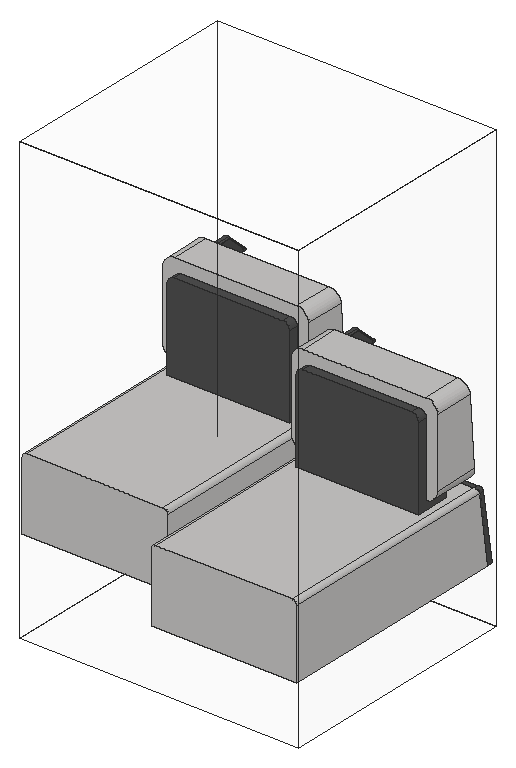
Revit family "Drinking_Fountain-Haws_Corporation_1202S-1202SF", category Plumbing Fixtures, host Face, Revit 2017
Family settings
  Host = Face
  Round Connector Dimension = Use Diameter
  Part Type = Normal
  OmniClass Number = 23.45.05.00
  OmniClass Title = Sanitary Equipment
  Cut with Voids When Loaded = No
  Shared = No
  Room Calculation Point = No
Parameters (values of type "1202S")
  URL = "www.hawsco.com"
  Tap Elevation Offset Control [instance] = if(Adult Standing, 1' 2 1/4" + 1' 11 125/128", Tap Elevation Offset)  # 3' - 2 29/128"
  Tap Elevation Offset = 2' - 9"
  Product data url = "https://bimobject.com/hawscorporation/product/haws-1202s"
  Product Guid = "b505eb6e-af1b-45bf-8b4d-b12bb3c5262b"
  Option 04 = Clearance : Alcove Installation Parallel Approach
  Option 03 = Clearance : Alcove Installation Forward Approach
  Option 02 = Clearance : Parallel Approach
  Option 01 = Clearance : Forward Approach
  Model = "1202S"
  Material Plastic = Plastic - Haws Corporation - Black
  Material Enclosure = Metal - Haws Corporation - Satin Stainless Steel
  Material Bubbler = Metal - Haws Corporation - Silver Powder Coated Finish
  Material Bracket = Metal - Haws Corporation - Silver Powder Coated Finish
  Material Bowl = Metal - Haws Corporation - Silver Powder Coated Finish
  Manufacturer = "Haws Corporation"
  Keynote = "15410.A1"
  Filter = no
  Edition number = 1
  Description = "Hi-Lo, stainless steel water cooler"
  Default Elevation = 0' - 0"
  Clearance Width [instance] = if(Clearance = Option 01, 2' 6", if(Clearance = Option 02, 4' 0", if(Clearance = Option 03, 3' 0", 5' 0")))  # 2' - 6"
  Clearance Visibility [instance] = yes
  Clearance Offset [instance] = if(Clearance = Option 01, 0' 0", if(Clearance = Option 02, 1' 6 189/256", if(Clearance = Option 03, 0' 0", 1' 6 189/256")))  # 0' - 0"
  Clearance Depth [instance] = if(Clearance = Option 01, 4' 0", if(Clearance = Option 02, 2' 6", if(Clearance = Option 03, 5' 0", 3' 0")))  # 4' - 0"
  Clearance [instance] = Clearance : Forward Approach
  Assembly Code = "D2010810"
  Adult Standing [instance] = yes
Types (2): name | Model | Filter | Description
  1202S | "1202S" | no | "Hi-Lo, stainless steel water cooler"
  1202SF | "1202SF" | yes | "Hi-Lo, stainless steel, filtered electric water cooler"
Reference planes (in)
  plane 1 "Center (Front/Back)": y = 0
  plane 2: z = 0
  plane 3 "Center (Left/Right)": x = 0
  plane 4: z = 7.875
  plane 5: z = 18.74016
  plane 6: y = 8.75037
  plane 7: y = 26.70312
  plane 8: y = 32.72675
  plane 9: x = 6.52539
  plane 10: y = 19.57025
  plane 11: x = 4.90039
  plane 12: y = 11.69525
  plane 13: x = 16.99414
  plane 14: x = 1.30664
  plane 15: x = 9.15039
  plane 16: x = -1.30664
  plane 17: x = -9.15039
  plane 18: x = -16.99414
  plane 19: y = 14.25037
  plane 20: y = 32.20312
  plane 21: y = 38.22656
  plane 22: z = 48
  plane 23: x = -5.84961
  plane 24: x = 24.15039
  plane 25: z = 0
  plane 26: y = 40.50037
Forms (in)
  Extrusion 1, solid, not visible
    sketch origin (0, 0, 0) x (1, 0, 0) y (0, 1, 0)
      loop
        circle (6.52539, 19.57025) r 0.625
    from 0 to 1.9685
  Extrusion 2, solid, not visible
    sketch origin (0, 0, 0) x (1, 0, 0) y (0, 1, 0)
      loop
        circle (4.90039, 11.69525) r 0.18701
    from 0 to 1.9685
  Sweep 3, solid, material "Metal - Haws Corporation - Silver Powder Coated Finish"
    path origin (0, 0, 0) x (1, 0, 0) y (0, 1, 0)
      loop
        line (-1.30664, 8.75037) -> (1.30664, 8.75037)
    profile origin (0, 8.75037, 0) x (0, 1, 0) y (0, 0, 1)
      loop
        line (13.70703, 0) -> (25.6517, 0) -> (24.75265, 1.5) -> (14.60608, 1.5) -> (13.70703, 0)
  Sweep 4, solid, material "Clearance", visible <- "Clearance Visibility"
    path origin (0, 0, 0) x (0, 1, 0) y (0, 0, 1)
      loop
        line (0, 0) -> (26.70312, 0)
    profile origin (0, 13.35156, 0) x (0, 0, 1) y (1, 0, 0)
      loop
        line (48, -5.84961) -> (48, 24.15039) -> (0, 24.15039) -> (0, -5.84961) -> (48, -5.84961)
Lines and regions (in)
  symbolic lines, style "PlumbingFixturesHiddenLines", visible <- "Clearance Visibility"
    curve 1: line (-5.84961, 0, 48) -> (24.15039, 0, 48)
    curve 2: line (-5.84961, 0, 0) -> (-5.84961, 0, 48)
    curve 3: line (24.15039, 0, 0) -> (-5.84961, 0, 0)
    curve 4: line (24.15039, 0, 48) -> (24.15039, 0, 0)
Dimensions and locks (in)
  locked: plane 4 to plane 2 at 7.875
  locked: plane 5 to plane 2 at 18.74016
  plane 8 to plane 7 = 0' - 6.02362"
  locked: plane 7 to plane 6 at 17.95276
  plane 8 to plane 10 to plane 12 = 1' - 1.1565" locked, 0' - 7 7/8" locked
  plane 14 to plane 15 to plane 13 = 0' - 7 27/32" locked, 0' - 7 27/32" locked
  locked: plane 9 to plane 15 at 2.625
  locked: plane 11 to plane 15 at 4.25
  plane 18 to plane 17 to plane 16 = 0' - 7 27/32" locked, 0' - 7 27/32" locked
  locked: plane 8 to plane 19 at 18.47638
  locked: plane 8 to plane 20 at 0.52362
  locked: plane 21 to plane 20 at 6.02344
  "Clearance Depth": plane 22 to plane 25
  "Clearance Offset": plane 25 to plane 2
  locked: plane 21 to plane 26 at 2.27381
  "Tap Elevation Offset Control": plane 1 "Center (Front/Back)" to plane 21
  plane 17 to plane 3 "Center (Left/Right)" to plane 15 = 0' - 9.15039" locked, 0' - 9.15039" locked
  equal spacing: plane 24, plane 15, plane 23
  "Clearance Width": plane 24 to plane 23
  aligned and locked: plane 2 to host face
  aligned and locked: level to host face
  aligned and locked: nested 1 to plane 7
  aligned and locked: plane 4 to nested 1
  aligned and locked: Extrusion 1 sketch curve to plane 10
  aligned and locked: plane 9 to Extrusion 1 sketch curve
  aligned and locked: Extrusion 2 sketch curve to plane 12
  aligned and locked: plane 11 to Extrusion 2 sketch curve
  aligned and locked: plane 8 to nested 2
  aligned and locked: host face to nested 2
  aligned and locked: plane 2 to nested 3
  aligned and locked: plane 13 to nested 1
  aligned and locked: plane 17 to nested 5
  aligned and locked: plane 2 to nested 5
  aligned and locked: nested 6 to plane 20
  aligned and locked: plane 16 to nested 6
  aligned and locked: plane 13 to nested 4
  aligned and locked: nested 4 to plane 4
  aligned and locked: nested 7 to plane 4
  aligned and locked: plane 16 to nested 7
  aligned and locked: nested 3 to plane 6
  aligned and locked: nested 8 to plane 21
  aligned and locked: plane 17 to nested 8
  aligned and locked: plane 6 to Sweep 3 sketch curve
  aligned and locked: plane 16 to Sweep 3 sketch curve
  aligned and locked: plane 14 to Sweep 3 sketch curve
  aligned and locked: nested 6 to plane 4
  aligned and locked: plane 19 to nested 5
  aligned and locked: nested 5 to plane 19
  aligned and locked: Sweep 4 sketch curve to plane 2
  aligned and locked: Sweep 4 sketch curve to plane 22
  aligned and locked: Sweep 4 sketch curve to plane 24
  aligned and locked: plane 1 "Center (Front/Back)" to Sweep 4 sketch curve
  aligned and locked: plane 25 to Sweep 4 sketch curve
  aligned and locked: curve 1 to plane 22
  aligned and locked: curve 4 to plane 24
  aligned and locked: plane 25 to curve 3
  aligned and locked: plane 7 to Sweep 4 sketch curve
  aligned and locked: plane 23 to Sweep 4 sketch curve
  aligned and locked: plane 23 to curve 2
Automatic sketch dimensions
  host sketch curve to host sketch curve = 8' - 0"  (x2)
  Sweep 3 sketch curve to profile plane = 1' - 1 181/256"
  Sweep 3 sketch curve to Sweep 3 sketch curve = 0' - 0.89905"  (x2)
  level to Sweep 3 sketch curve = 0' - 1 1/2"
  Sweep 3 sketch curve to Sweep 3 sketch curve = 0' - 10.14657"
  Sweep 3 sketch curve to level = 0' - 0"
  radius of Extrusion 1 sketch curve = 0' - 0 5/8"
  radius of Extrusion 2 sketch curve = 0' - 0.18701"
Nested families (in)
  nested 1: "BASIN" at (1.30664, -0.29688, 0) x (1, 0, 0) z (0, 1, 0), Material - Bowl <- "Material Bowl", Material - Bubbler <- "Material Bubbler", Material Plastic <- "Material Plastic", type "BASIN"
    with Material Plastic Plastic - Haws Corporation - Black, Material - Bubbler Metal - Haws Corporation - Silver Powder Coated Finish, Material - Bowl Metal - Haws Corporation - Silver Powder Coated Finish
  nested 2: "MOUNTING BRACKET" at (3.27539, 32.47675, 0.125) x (1, 0, 0) z (0, 1, 0), Material - Bracket <- "Material Bracket", type "MOUNTING BRACKET", not visible
    with Water Supply Valve Area no, Material - Bracket Metal - Haws Corporation - Silver Powder Coated Finish, Electric Receptacle Area no
  nested 3: "ChillerBase" at (1.30664, -0.31213, 0) x (1, 0, 0) z (0, 1, 0), Material - Enclosure <- "Material Enclosure", Material - Plastic <- "Material Plastic", type "Chiller"
    with Material - Plastic Plastic - Haws Corporation - Black, Material - Enclosure Metal - Haws Corporation - Satin Stainless Steel
  nested 4: "1200_DC" at (9.13945, 0, 0) x (-1, 0, 0) z (0, -1, 0), type "1200_DC"
    with Bottle Filler no
  nested 5: "ChillerBase" at (-16.99414, 5.18787, 0) x (1, 0, 0) z (0, 1, 0), Material - Enclosure <- "Material Enclosure", Material - Plastic <- "Material Plastic", type "Chiller"
    with Material - Plastic Plastic - Haws Corporation - Black, Material - Enclosure Metal - Haws Corporation - Satin Stainless Steel
  nested 6: "BASIN" at (-16.99414, 5.20312, 0) x (1, 0, 0) z (0, 1, 0), Material - Bowl <- "Material Bowl", Material - Bubbler <- "Material Bubbler", Material Plastic <- "Material Plastic", type "BASIN"
    with Material Plastic Plastic - Haws Corporation - Black, Material - Bubbler Metal - Haws Corporation - Silver Powder Coated Finish, Material - Bowl Metal - Haws Corporation - Silver Powder Coated Finish
  nested 7: "1200_DC" at (-9.16133, 0, 0) x (-1, 0, 0) z (0, -1, 0), type "1200_DC"
    with Bottle Filler no
  nested 8: "MOUNTING BRACKET" at (-15.02539, 37.97656, 0.125) x (1, 0, 0) z (0, 1, 0), Material - Bracket <- "Material Bracket", type "MOUNTING BRACKET", not visible
    with Water Supply Valve Area no, Material - Bracket Metal - Haws Corporation - Silver Powder Coated Finish, Electric Receptacle Area no
Connectors (in)
  piping at (6.52539, 19.57025, 0), diameter 1.25
    settings: on Extrusion 1, index 2, connector inside diameter 609.6 mm, connector length 0' - 0", flow factor 0, pipe flow 0.0 GPM, pressure drop 0.0 Pa, fitting loss kfactor 0, connector angle 0.00°, fixture units 0, engagement length 0' - 0", angle of deflection 0.00°, flow configuration 0, flow direction 2, fitting loss method 0, system type 16, joint type 0, gender type 0, connector reference index -1, connector utility 0, adjustable connector no, is connector primary yes, connector description "Drain"
  piping at (4.90039, 11.69525, 0), diameter 0.37402
    settings: on Extrusion 2, index 3, connector inside diameter 609.6 mm, connector length 0' - 0", flow factor 0, pipe flow 0.0 GPM, pressure drop 0.0 Pa, fitting loss kfactor 0, connector angle 0.00°, fixture units 0, engagement length 0' - 0", angle of deflection 0.00°, flow configuration 0, flow direction 1, fitting loss method 0, system type 20, joint type 0, gender type 0, connector reference index -1, connector utility 0, adjustable connector no, is connector primary no, connector description "Supply Valve"
  electrical at (9.15039, 21.62537, 0)
    settings: on nested 3, index 7, voltage 120 V, apparent load 0 VA, apparent load phase1 0 VA, apparent load phase2 0 VA, apparent load phase3 0 VA, power factor 1, load classification "Power", number of poles 1, system type 30, power factor state 1, is connector primary yes, connector utility no, sub classification motor no, connector description "GFI Recptacle"
Definition of nested family "BASIN"
  Parameters (values of type "BASIN")
    Material Push = none
    Material Plastic [instance] = none
    Material - Bubbler [instance] = none
    Material - Bowl [instance] = none
    Default Elevation = 4' - 0"
  Reference planes (in)
    plane 1 "Center (Front/Back)": y = 0
    plane 2: z = 0
    plane 3 "Center (Left/Right)": x = 0
    plane 4: x = 15.6875
    plane 5 "Front": y = -18.75
    plane 6: y = -7.875
    plane 7 "BOT OF FIXTURE": z = 27
    plane 8: z = 33
    plane 9: z = 30.67633
    plane 10: z = 33
    plane 11: y = -8.875
    plane 12: x = 14.4375
    plane 13: x = 1.25
    plane 14: y = -17.5
    plane 15 "Top of Basin": through (0, -8.8748, 33.00002) normal (0, -0.0769, 0.997)
  Forms (in)
    Extrusion 1, solid, material <- "Material - Bowl"
      sketch origin (0, 0, 0) x (0, 1, 0) y (0, 0, 1)
        loop
          line (-8.875, 28) -> (-8.875, 33) -> (-18.75, 32.23955) -> (-18.75, 28) -> (-8.875, 28)
      from 0 to 15.6875
    Extrusion 2, solid, material <- "Material Plastic"
      sketch origin (0, 0, 0) x (1, 0, 0) y (0, 1, 0)
        loop
          arc (13.6875, -17.5) -> (14.21783, -17.28033) -> (14.4375, -16.75) r 0.75
          line (14.4375, -16.75) -> (14.4375, -7.875) -> (1.25, -7.875) -> (1.25, -16.75)
          arc (1.25, -16.75) -> (1.46967, -17.28033) -> (2, -17.5) r 0.75
          line (2, -17.5) -> (13.6875, -17.5)
      from 27 to 30.67633
    Extrusion 3, void
      sketch origin (0, 0, 0) x (1, 0, 0) y (0, 1, 0)
        loop
          arc (15.6875, -17.5) -> (15.32138, -18.38388) -> (14.4375, -18.75) r 1.25
          line (14.4375, -18.75) -> (15.6875, -18.75) -> (15.6875, -17.5)
      from 27 to 36.45084
    Extrusion 4, void
      sketch origin (15.6875, 0, 0) x (-1, 0, 0) y (0, -1, 0)
        loop
          line (15.6875, 17.5) -> (15.6875, 18.75) -> (14.4375, 18.75)
          arc (14.4375, 18.75) -> (15.32138, 18.38388) -> (15.6875, 17.5) r 1.25
      from 25.52501 to 36.45084
    Extrusion 5, void
      sketch origin (0, -27.625, 0) x (1, 0, 0) y (0, 1, 0)
        loop
          line (15.6875, 17.5) -> (15.6875, 18.75) -> (14.4375, 18.75)
          arc (14.4375, 18.75) -> (15.32138, 18.38388) -> (15.6875, 17.5) r 1.25
      from 27 to 36.45084
    Extrusion 6, void
      sketch origin (15.6875, -27.625, 0) x (-1, 0, 0) y (0, -1, 0)
        loop
          arc (15.6875, -17.5) -> (15.32138, -18.38388) -> (14.4375, -18.75) r 1.25
          line (14.4375, -18.75) -> (15.6875, -18.75) -> (15.6875, -17.5)
      from 22.50179 to 34.40112
    Blend 7, void
      base sketch origin (0, -2.58188, 33.48523) x (0, 0.997041, 0.076877) y (-1, 0, 0)
        loop
          arc (-10.3847, -7.35327) -> (-10.45792, -7.17649) -> (-10.6347, -7.10327) r 0.25
          line (-10.6347, -7.10327) -> (-11.6347, -7.10327)
          arc (-11.6347, -7.10327) -> (-11.81148, -7.17649) -> (-11.8847, -7.35327) r 0.25
          line (-11.8847, -7.35327) -> (-11.8847, -8.30394)
          arc (-11.8847, -8.30394) -> (-11.81148, -8.48071) -> (-11.6347, -8.55394) r 0.25
          line (-11.6347, -8.55394) -> (-10.6347, -8.55394)
          arc (-10.6347, -8.55394) -> (-10.45792, -8.48071) -> (-10.3847, -8.30394) r 0.25
          line (-10.3847, -8.30394) -> (-10.3847, -7.35327)
      top sketch origin (0, -2.58188, 33.48523) x (0, 0.997041, 0.076877) y (-1, 0, 0)
        loop
          arc (-7.56468, -15.1873) -> (-7.03268, -14.96796) -> (-6.8116, -14.43668) r 0.75186
          line (-6.8116, -14.43668) -> (-6.8118, -1.25)
          arc (-6.8118, -1.25) -> (-7.03268, -0.71954) -> (-7.56468, -0.5002) r 0.75186
          line (-7.56468, -0.5002) -> (-14.96315, -0.5002)
          arc (-14.96315, -0.5002) -> (-15.49515, -0.71954) -> (-15.71624, -1.25082) r 0.75186
          line (-15.71624, -1.25082) -> (-15.71604, -14.4375)
          arc (-15.71604, -14.4375) -> (-15.49515, -14.96796) -> (-14.96315, -15.1873) r 0.75186
          line (-14.96315, -15.1873) -> (-7.56468, -15.1873)
      from -1.61655 to 0.00048
  Cuts and joins
    Extrusion 3, Extrusion 4, Extrusion 5, Extrusion 6, Blend 7 cuts Extrusion 1
  Dimensions and locks (in)
    locked: plane 6 to plane 1 "Center (Front/Back)" at 7.875
    locked: plane 5 "Front" to plane 1 "Center (Front/Back)" at 18.75
    locked: plane 3 "Center (Left/Right)" to plane 4 at 15.6875
    plane 6 to plane 1 "Center (Front/Back)" = 0' - 7 7/8"
    plane 10 to level = 2' - 9"
    plane 8 to plane 7 "BOT OF FIXTURE" = 0' - 6"
    plane 3 "Center (Left/Right)" to plane 13 = 0' - 1 1/4"
    plane 12 to plane 4 = 0' - 1 1/4"
    aligned and locked: plane 2 to level
    aligned and locked: plane 4 to Extrusion 1
    aligned and locked: Extrusion 1 sketch curve to plane 11
    aligned and locked: Extrusion 2 to plane 7 "BOT OF FIXTURE"
    aligned and locked: plane 9 to Extrusion 2
    aligned and locked: plane 14 to Extrusion 2
  Nested families (in)
    nested 1: "Bubbler" at (1.63439, -17.12392, 32.25) x (-0.7084, -0.7058, 0) z (0, 0, 1), Bubbler <- "Material - Bubbler", type "Bubbler"
      with Bubbler none
  Definition of nested family "Bubbler"
    Parameters (values of type "Bubbler")
      Plastic = none
      Bubbler [instance] = none
      Basin Metal = none
    Reference planes (in)
      plane 1 "Center (Front/Back)": y = 0
      plane 2: z = 0
      plane 3 "Center (Left/Right)": x = 0
    Forms (in)
      Extrusion 1, solid, material <- "Bubbler"
        sketch origin (0, 0, 0) x (1, 0, 0) y (0, 0, 1)
          loop
            line (-1.12297, 0) -> (0.37703, 0) -> (0.37703, 1.2086) -> (-1.12297, 0.75) -> (-1.12297, 0)
        from -0.78431 to 0.80863
      Extrusion 2, solid, material <- "Plastic"
        sketch origin (0, 0, 0) x (1, 0, 0) y (0, 0, 1)
          loop
            line (0.37703, 0) -> (0.81004, 0) -> (0.81004, 2.20724) -> (-1.12297, 3.32326) -> (-1.12297, 3.07326) -> (0.37703, 2.20724) -> (0.37703, 1.2086) -> (0.37703, 0)
        from -0.78431 to 0.80863
      Extrusion 3, void
        sketch origin (0, 0, 0) x (1, 0, 0) y (0, 1, 0)
          loop
            line (-1.57218, 1.12176) -> (-1.57218, -1.28109) -> (1.28835, -1.28109) -> (1.28835, 1.12176) -> (-1.57218, 1.12176)
          loop
            arc (-0.87297, 0.78431) -> (-1.04975, 0.71109) -> (-1.12297, 0.53431) r 0.25
            line (-1.12297, 0.53431) -> (-1.12297, -0.55863)
            arc (-1.12297, -0.55863) -> (-1.04975, -0.73541) -> (-0.87297, -0.80863) r 0.25
            line (-0.87297, -0.80863) -> (0.56004, -0.80863)
            arc (0.56004, -0.80863) -> (0.73681, -0.73541) -> (0.81004, -0.55863) r 0.25
            line (0.81004, -0.55863) -> (0.81004, 0.53431)
            arc (0.81004, 0.53431) -> (0.73681, 0.71109) -> (0.56004, 0.78431) r 0.25
            line (0.56004, 0.78431) -> (-0.87297, 0.78431)
        from 0 to 12
      Extrusion 4, solid, material <- "Bubbler"
        sketch origin (-0.01661, 0, 0.01412) x (0.956305, 0, 0.292372) y (0, 1, 0)
          loop
            circle (0, 0) r 0.25
          loop
            circle (0, 0) r 0.09887
        from 0.69484 to 1.2086
      Blend 5, solid, material <- "Basin Metal"
        base sketch origin (-0.31294, -0.03599, 0) x (-1, 0, 0) y (0, -1, 0)
          loop
            arc (-1.18794, 0.96401) -> (-1.27633, 0.9274) -> (-1.31294, 0.83901) r 0.125
            line (-1.31294, 0.83901) -> (-1.31294, -0.89299)
            arc (-1.31294, -0.89299) -> (-1.27633, -0.98138) -> (-1.18794, -1.01799) r 0.125
            line (-1.18794, -1.01799) -> (1.40443, -1.01799)
            arc (1.40443, -1.01799) -> (1.86072, -0.02699) -> (1.40443, 0.96401) r 1.30431
            line (1.40443, 0.96401) -> (-1.18794, 0.96401)
        top sketch origin (-0.31294, -0.03599, 0) x (-1, 0, 0) y (0, -1, 0)
          loop
            line (0.56004, 0.78431) -> (-0.87297, 0.78431)
            arc (-0.87297, 0.78431) -> (-1.04975, 0.71109) -> (-1.12297, 0.53431) r 0.25
            line (-1.12297, 0.53431) -> (-1.12297, -0.55863)
            arc (-1.12297, -0.55863) -> (-1.04975, -0.73541) -> (-0.87297, -0.80863) r 0.25
            line (-0.87297, -0.80863) -> (0.56004, -0.80863)
            arc (0.56004, -0.80863) -> (0.73681, -0.73541) -> (0.81004, -0.55863) r 0.25
            line (0.81004, -0.55863) -> (0.81004, 0.53431)
            arc (0.81004, 0.53431) -> (0.73681, 0.71109) -> (0.56004, 0.78431) r 0.25
        from -0.64185 to 0.42162
    Cuts and joins
      Extrusion 3 cuts Extrusion 1
      Extrusion 3 cuts Extrusion 2
    Dimensions and locks (in)
      aligned and locked: plane 2 to level
      aligned and locked: Extrusion 2 to Extrusion 1
      aligned and locked: Extrusion 1 to Extrusion 2
Definition of nested family "MOUNTING BRACKET"
  Parameters (values of type "MOUNTING BRACKET")
    Water Supply Valve Area [instance] = yes
    Material - Bracket [instance] = none
    Electric Receptacle Area [instance] = yes
    Default Elevation = 4' - 0"
  Reference planes (in)
    plane 1 "Center (Front/Back)": y = 0
    plane 2: z = 0
    plane 3 "Center (Left/Right)": x = 0
    plane 4: x = 11.75
    plane 5: z = 1.5
    plane 6: x = 5.875
    plane 7: z = 0.25
  Forms (in)
    Extrusion 1, solid, material <- "Material - Bracket"
      sketch origin (0, 0, 0) x (1, 0, 0) y (0, 0, 1)
        loop
          line (11.75, 1.5) -> (0, 1.5) -> (0, 0) -> (11.75, 0) -> (11.75, 1.5)
      from 0 to 0.125
    Extrusion 2, void
      sketch origin (0, 0, 0) x (1, 0, 0) y (0, 0, 1)
        loop
          circle (0.36164, 1.26702) r 0.125
        loop
          circle (0.36164, 0.26702) r 0.125
        loop
          circle (11.36164, 1.26702) r 0.125
        loop
          circle (11.36164, 0.26702) r 0.125
      from 0 to 12
  Cuts and joins
    Extrusion 2 cuts Extrusion 1
  Lines and regions (in)
    model lines, visible <- "Water Supply Valve Area"
      curve 1: line (5.875, 0, -2.5) -> (5.875, 0, -11.875)
      curve 2: line (5.875, 0, -11.875) -> (3, 0, -11.875)
      curve 3: line (3, 0, -11.875) -> (3, 0, -17.875)
      curve 4: line (0.125, 0, -3.875) -> (0.125, 0, -13.125)
      curve 5: line (0.125, 0, -13.125) -> (1.18566, 0, -14.18566)
      curve 6: line (1.18566, 0, -14.18566) -> (1.18566, 0, -15.18566)
      curve 7: line (1.18566, 0, -15.18566) -> (0.125, 0, -16.24632)
      curve 8: line (0.125, 0, -16.24632) -> (0.125, 0, -17.875)
      curve 9: line (0.125, 0, -17.875) -> (3, 0, -17.875)
      curve 10: line (5.875, 0, -2.5) -> (2, 0, -2.5)
      curve 11: line (2, 0, -2.5) -> (2, 0, -15.75)
      curve 12: line (2, 0, -15.75) -> (0.62132, 0, -15.75)
      curve 13: line (2, 0, -3.875) -> (0.125, 0, -3.875)
    model lines, visible <- "Electric Receptacle Area"
      curve 14: line (1.75, 0, -1) -> (1.75, 0, -6.25)
      curve 15: line (5.875, 0, -1) -> (1.75, 0, -1)
      curve 16: line (7.875, 0, -3) -> (11.875, 0, -3)
      curve 17: line (5.875, 0, -1) -> (7.875, 0, -1)
      curve 18: line (7.875, 0, -1) -> (7.875, 0, -3)
      curve 19: line (11.875, 0, -3) -> (11.875, 0, -10.625)
      curve 20: line (11.875, 0, -10.625) -> (8.125, 0, -10.625)
      curve 21: line (8.125, 0, -10.625) -> (8.125, 0, -14)
      curve 22: line (8.125, 0, -14) -> (5.875, 0, -14)
      curve 23: line (5.875, 0, -14) -> (0.875, 0, -14)
      curve 24: line (0.875, 0, -14) -> (-0.00888, 0, -13.11612)
      curve 25: line (-0.00888, 0, -13.11612) -> (-0.00888, 0, -6.25)
      curve 26: line (-0.00888, 0, -6.25) -> (1.75, 0, -6.25)
  Dimensions and locks (in)
    plane 5 to level = 0' - 1 1/2"
    plane 4 to plane 3 "Center (Left/Right)" = 0' - 11 3/4"
    locked: plane 7 to level at 0.25
    aligned and locked: plane 2 to level
    aligned and locked: plane 4 to Extrusion 1
    aligned and locked: plane 5 to Extrusion 1
    aligned and locked: Extrusion 1 to plane 3 "Center (Left/Right)"
    aligned and locked: Extrusion 1 to level
Definition of nested family "ChillerBase"
  Parameters (values of type "Chiller")
    Without Chiller = no
    With Chiller = yes
    Toe Clearance [instance] = 0' - 9 1/16"
    Material - Plastic [instance] = none
    Material - Enclosure [instance] = none
    Default Elevation = 4' - 0"
  Reference planes (in)
    plane 1 "Center (Front/Back)": y = 0
    plane 2: z = 0
    plane 3 "Center (Left/Right)": x = 0
    plane 4: x = 15.6875
    plane 5: y = 7.875
    plane 6: z = 9.0625
    plane 7: z = 35.3125
    plane 8: z = 24.8
    plane 9: y = 3.75
    plane 10 "CENTER": x = 7.84375
    plane 11: z = 23.52878
  Forms (in)
    Extrusion 1, solid, material <- "Material - Enclosure"
      sketch origin (0, 0, 0) x (1, 0, 0) y (0, 1, 0)
        loop
          line (15.1877, 7.875) -> (0.49978, 7.875)
          arc (0.49978, 7.875) -> (0.14638, 7.72862) -> (0, 7.37522) r 0.49978
          line (0, 7.37522) -> (0, 0) -> (15.6875, 0) -> (15.6875, 7.3752)
          arc (15.6875, 7.3752) -> (15.54111, 7.72861) -> (15.1877, 7.875) r 0.4998
      from 9.0625 to 35.3125
    Extrusion 2, void
      sketch origin (7.84375, 0, 0) x (0, 0, 1) y (0, -1, 0)
        loop
          line (35.3125, 0) -> (34.8125, 0) -> (33.5625, -7.875) -> (35.3125, -7.875) -> (35.3125, 0)
      from -7.84375 to 7.84375
  Cuts and joins
    Extrusion 2 cuts Extrusion 1
  Dimensions and locks (in)
    plane 6 to level = 0' - 9 1/16"
    locked: plane 5 to plane 1 "Center (Front/Back)" at 7.875
    locked: plane 7 to plane 6 at 26.25
    "Toe Clearance": plane 6 to level
    aligned and locked: plane 2 to level
    aligned and locked: Extrusion 1 sketch curve to plane 3 "Center (Left/Right)"
    aligned and locked: plane 1 "Center (Front/Back)" to Extrusion 1 sketch curve
    aligned and locked: plane 4 to Extrusion 1 sketch curve
    aligned and locked: plane 5 to Extrusion 1 sketch curve
    aligned and locked: plane 4 to Extrusion 2
    aligned and locked: Extrusion 2 to plane 3 "Center (Left/Right)"
  Automatic sketch dimensions
    Extrusion 1 sketch curve to plane 5 = 0' - 0.49978"
    Extrusion 1 sketch curve to plane 5 = 0' - 0.4998"
    Extrusion 2 sketch curve to plane 5 = 0' - 0"
    Extrusion 2 sketch curve to plane 1 "Center (Front/Back)" = 0' - 0"
    Extrusion 2 sketch curve to plane 7 = 0' - 0"
    Extrusion 2 sketch curve to plane 7 = 0' - 0 1/2"
    Extrusion 2 sketch curve to plane 7 = 0' - 1 3/4"
  Nested families (in)
    nested 1: "ch_top" at (0, 0, 0), Material - Plastic <- "Material - Plastic", type "ch_top"
      with Material - Plastic none
  Definition of nested family "ch_top"
    Parameters (values of type "ch_top")
      Material - Plastic [instance] = none
    Reference planes (in)
      plane 1 "Center (Front/Back)": y = 0
      plane 2: z = 0
      plane 3 "Center (Left/Right)": x = 0
    Forms (in)
      Extrusion 1, solid, material <- "Material - Plastic"
        sketch origin (0, 0, 0) x (0, 1, 0) y (0, 0, 1)
          loop
            line (0, 34.8125) -> (7.87526, 33.56246) -> (7.87526, 34.06246) -> (0, 35.3125) -> (0, 34.8125)
        from 0 to 15.6875
      Extrusion 2, void
        sketch origin (0, 0, 0) x (1, 0, 0) y (0, 1, 0)
          loop
            line (0, 7.87526) -> (0, 7.37526)
            arc (0, 7.37526) -> (0.14645, 7.72882) -> (0.5, 7.87526) r 0.5
            line (0.5, 7.87526) -> (0, 7.87526)
          loop
            line (15.6875, 7.87526) -> (15.1875, 7.87526)
            arc (15.1875, 7.87526) -> (15.54105, 7.72882) -> (15.6875, 7.37526) r 0.5
            line (15.6875, 7.37526) -> (15.6875, 7.87526)
        from 0 to 43.54723
    Cuts and joins
      Extrusion 2 cuts Extrusion 1
    Dimensions and locks (in)
      aligned and locked: plane 2 to level
Definition of nested family "1200_DC"
  Parameters (values of type "1200_DC")
    Bottle Filler [instance] = yes
  Reference planes (in)
    plane 1 "Center (Front/Back)": y = 0
    plane 2: z = 0
    plane 3 "Center (Left/Right)": x = 0
    plane 4: y = 7.875
  Lines and regions (in)
    detail lines, in view "Ref. Level"
      curve 1: line (-6.58881, 8.875, 0) -> (6.59869, 8.875, 0)
      curve 2: arc (-6.58881, 8.875, 0) -> (-7.4727, 9.24112, 0) -> (-7.83881, 10.125, 0) r 1.25
      curve 3: line (-7.83881, 17.5, 0) -> (-7.83881, 10.125, 0)
      curve 4: arc (-7.83881, 17.5, 0) -> (-7.4727, 18.38388, 0) -> (-6.58881, 18.75, 0) r 1.25
      curve 5: line (6.59869, 18.75, 0) -> (-6.58881, 18.75, 0)
      curve 6: arc (6.59869, 18.75, 0) -> (7.48257, 18.38388, 0) -> (7.84869, 17.5, 0) r 1.25
      curve 7: line (7.84869, 10.125, 0) -> (7.84869, 17.5, 0)
      curve 8: arc (7.84869, 10.125, 0) -> (7.48257, 9.24112, 0) -> (6.59869, 8.875, 0) r 1.25
      curve 56: line (-6.58881, 8.875, 0) -> (-6.58881, 7.875, 0)
      curve 57: line (6.59869, 8.875, 0) -> (6.59869, 7.875, 0)
      curve 58: line (7.83281, 0, 0) -> (7.83281, 7.47854, 0)
      curve 59: line (-7.85469, 0, 0) -> (-7.85469, 7.47854, 0)
      curve 60: line (-7.85469, 0, 0) -> (7.83281, 0, 0)
      curve 61: arc (-7.85469, 7.47854, 0) -> (-7.73857, 7.75888, 0) -> (-7.45823, 7.875, 0) r 0.39646
      curve 62: arc (7.43635, 7.875, 0) -> (7.71669, 7.75888, 0) -> (7.83281, 7.47854, 0) r 0.39646
      curve 63: line (7.43635, 7.875, 0) -> (-7.45823, 7.875, 0)
      curve 68: line (-6.58881, 7.875, 0) -> (6.59869, 7.875, 0)
    detail lines, in view "Ref. Level", detail levels medium+fine
      curve 9: line (6.63657, 9.37447, 0) -> (-6.60871, 9.37447, 0)
      curve 10: line (-7.34008, 10.25081, 0) -> (-7.34008, 17.50081, 0)
      curve 11: spline (-7.33872, 17.50081, 0) -> (-7.33294, 17.59886, 0) -> (-7.31428, 17.69529, 0) -> (-7.28307, 17.78844, 0) -> (-7.23984, 17.8767, 0) -> (-7.18536, 17.95852, 0) -> (-7.12056, 18.03249, 0) -> (-7.04657, 18.09732, 0) -> (-6.96468, 18.1519, 0) -> (-6.8763, 18.19526, 0) -> (-6.78297, 18.22667, 0) -> (-6.68631, 18.24557, 0) -> (-6.58799, 18.25164, 0)
      curve 12: line (-6.58799, 18.25249, 0) -> (5.9497, 18.25249, 0)
      curve 13: line (7.3471, 16.84683, 0) -> (7.3471, 10.07661, 0)
      curve 14: spline (7.3471, 10.07661, 0) -> (7.33555, 9.98655, 0) -> (7.31322, 9.89853, 0) -> (7.28045, 9.81383, 0) -> (7.23771, 9.73367, 0) -> (7.18562, 9.65922, 0) -> (7.12493, 9.59155, 0) -> (7.05652, 9.53165, 0) -> (6.98139, 9.48038, 0) -> (6.90063, 9.4385, 0) -> (6.81541, 9.4066, 0) -> (6.72696, 9.38516, 0) -> (6.63657, 9.37447, 0)
      curve 39: arc (5.70357, 15.20338, 0) -> (4.68083, 15.58336, 0) -> (4.30462, 16.6075, 0) r 1.30431
      curve 40: line (7.3471, 16.84683, 0) -> (5.70357, 15.20338, 0)
      curve 49: line (0.67887, 14.19232, 0) -> (4.34131, 16.18025, 0)
      curve 50: line (-0.61134, 14.21977, 0) -> (-7.12358, 17.97961, 0)
      curve 51: line (-7.11248, 9.63203, 0) -> (-0.62244, 12.93887, 0)
      curve 52: line (7.12947, 9.57646, 0) -> (0.61652, 12.89497, 0)
      curve 64: circle (0.02031, 13.5738, 0) r 0.90347 normal (0, 0, 1)
      curve 65: spline (-7.31924, 10.07661, 0) -> (-7.30769, 9.98655, 0) -> (-7.28536, 9.89853, 0) -> (-7.25259, 9.81383, 0) -> (-7.20985, 9.73367, 0) -> (-7.15776, 9.65922, 0) -> (-7.09707, 9.59155, 0) -> (-7.02866, 9.53165, 0) -> (-6.95353, 9.48038, 0) -> (-6.87277, 9.4385, 0) -> (-6.78755, 9.4066, 0) -> (-6.6991, 9.38516, 0) -> (-6.60871, 9.37447, 0)
      curve 66: line (5.9497, 18.25249, 0) -> (4.30462, 16.6075, 0)
    detail lines, in view "Ref. Level", detail levels fine
      curve 15: line (-0.32157, 12.9649, 0) -> (0.29102, 12.9649, 0)
      curve 16: line (0.29102, 13.11136, 0) -> (-0.32157, 13.11136, 0)
      curve 17: line (-0.47705, 13.2029, 0) -> (0.42639, 13.2029, 0)
      curve 18: line (0.42639, 13.34936, 0) -> (-0.47705, 13.34936, 0)
      curve 19: line (-0.47705, 13.72281, 0) -> (0.42639, 13.72281, 0)
      curve 20: line (0.42639, 13.86927, 0) -> (-0.47705, 13.86927, 0)
      curve 21: line (-0.3063, 13.97912, 0) -> (0.3063, 13.97912, 0)
      curve 22: line (0.3063, 14.12558, 0) -> (-0.3063, 14.12558, 0)
      curve 23: arc (0.3063, 13.97912, 0) -> (0.37953, 14.05235, 0) -> (0.3063, 14.12558, 0) r 0.07323
      curve 24: arc (0.42639, 13.72281, 0) -> (0.49962, 13.79604, 0) -> (0.42639, 13.86927, 0) r 0.07323
      curve 25: arc (0.57614, 13.47468, 0) -> (0.64937, 13.54791, 0) -> (0.57614, 13.62114, 0) r 0.07323
      curve 26: arc (0.42639, 13.2029, 0) -> (0.49962, 13.27613, 0) -> (0.42639, 13.34936, 0) r 0.07323
      curve 27: arc (0.29102, 12.9649, 0) -> (0.36425, 13.03813, 0) -> (0.29102, 13.11136, 0) r 0.07323
      curve 28: line (0.19734, 13.47468, 0) -> (0.57614, 13.47468, 0)
      curve 29: line (0.57614, 13.62114, 0) -> (0.19734, 13.62114, 0)
      curve 30: arc (0.19734, 13.62114, 0) -> (0.12411, 13.54791, 0) -> (0.19734, 13.47468, 0) r 0.07323
      curve 31: arc (-0.19678, 13.47468, 0) -> (-0.12355, 13.54791, 0) -> (-0.19678, 13.62114, 0) r 0.07323
      curve 32: line (-0.55996, 13.47468, 0) -> (-0.19678, 13.47468, 0)
      curve 33: line (-0.19678, 13.62114, 0) -> (-0.55996, 13.62114, 0)
      curve 34: arc (-0.55996, 13.62114, 0) -> (-0.63319, 13.54791, 0) -> (-0.55996, 13.47468, 0) r 0.07323
      curve 35: arc (-0.47705, 13.34936, 0) -> (-0.55028, 13.27613, 0) -> (-0.47705, 13.2029, 0) r 0.07323
      curve 36: arc (-0.32157, 13.11136, 0) -> (-0.39481, 13.03813, 0) -> (-0.32157, 12.9649, 0) r 0.07323
      curve 37: arc (-0.47705, 13.86927, 0) -> (-0.55028, 13.79604, 0) -> (-0.47705, 13.72281, 0) r 0.07323
      curve 38: arc (-0.3063, 14.12558, 0) -> (-0.37953, 14.05235, 0) -> (-0.3063, 13.97912, 0) r 0.07323
      curve 41: line (6.05744, 18.0748, 0) -> (5.04231, 17.06335, 0)
      curve 42: arc (5.04167, 16.7098, 0) -> (4.96877, 16.8867, 0) -> (5.04231, 17.06335, 0) r 0.25
      curve 43: line (5.04167, 16.7098, 0) -> (5.8131, 15.93557, 0)
      curve 44: arc (6.16665, 15.93493, 0) -> (5.98974, 15.86203, 0) -> (5.8131, 15.93557, 0) r 0.25
      curve 45: line (6.16665, 15.93493, 0) -> (7.18178, 16.94639, 0)
      curve 46: line (7.18242, 17.29994, 0) -> (6.41099, 18.07416, 0)
      curve 47: arc (7.18242, 17.29994, 0) -> (7.25532, 17.12303, 0) -> (7.18178, 16.94639, 0) r 0.25
      curve 48: arc (6.05744, 18.0748, 0) -> (6.23435, 18.14771, 0) -> (6.41099, 18.07416, 0) r 0.25
      curve 53: line (6.09869, 18.75, 0) -> (5.59869, 19.02757, 0)
      curve 54: line (5.59869, 19.02757, 0) -> (-5.58881, 19.02757, 0)
      curve 55: line (-5.58881, 19.02757, 0) -> (-6.08881, 18.75, 0)
    detail lines, in view "Ref. Level", visible <- "Bottle Filler"
      curve 67: line (-7.85469, 3.73927, 0) -> (7.83281, 3.73927, 0)
  Dimensions and locks (in)
    locked: plane 4 to plane 1 "Center (Front/Back)" at 7.875
